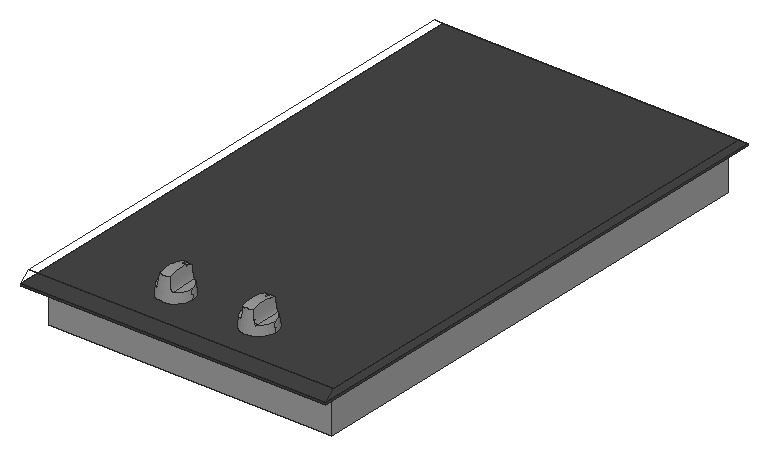
Revit family "VT CM 30 2P", category Specialty Equipment, host Face, Revit 2017
Family settings
  Host = Face
  Round Connector Dimension = Use Diameter
  Part Type = Normal
  Cut with Voids When Loaded = No
  Shared = No
  Room Calculation Point = No
Parameters (values of type "VT CM 30 2P")
  Wattage = "3000"
  Voltage = "220/240 V"  # constant formula
  URL = "www.teka.cl"
  Profundidad encastre = 490.000 mm
  Profundiadad encimera = 40.000 mm
  Model = "VT CM 30 2P"
  Manufacturer = "Teka"
  Luz encendido = Teka_Menu Luz Roja
  Interior encimera = Teka_Aluminio
  Encimera Vidrio = Teka_Panel Vidrio
  Disco Inducción = Teka_Interior Negro
  Description = "Encimera por inducción empotrable para mueble de cocina"
  Default Elevation = 1219.200 mm
  Cubierta encimera = Teka_Panel Negro
  Ca_Web del Representante = "www.teka.cl"
  Ca_Web del Fabricante = "www.teka.cl"
  Ca_Usos = "Encimera por inducción empotrable para mueble de cocina"
  Ca_Teléfono = "99821 1017"
  Ca_Representante = "Teka"
  Ca_Profundidad Interior = 500.000 mm
  Ca_Profundidad = 520.000 mm
  Ca_Producto = "Encimera inducción VT CM 30 2P"
  Ca_Peso = "5,2 kg"
  Ca_País de Fabricación = "Turquía"
  Ca_Medidas de embalaje = "36 x 57 x 10"
  Ca_Material Principal = "Cristal templado de alta seguridad"
  Ca_Masterformat = "11 30 13.13"
  Ca_Itemizado CDT = "E 08 06 02"
  Ca_Instalación = "Empotrable"
  Ca_Fabricante = "Teka"
  Ca_Especificaciones Técnicas = "Encimera por inducción empotrable para cocina modelo VT CM 30 2P"
  Ca_Código del Producto = "10208049"
  Ca_Código EAN = "8421152060407"
  Ca_Código Catálogo Arquitectura = "465_TEK_034"
  Ca_Creado por = "Catálogo Arquitectura"
  Ca_Contacto = "Khorzella@teka.cl"
  Ca_Clase de Eficiencia Energética = ""
  Ca_Certificación (Chile) = "E-013-01-29993"
  Ca_Ancho Interior = 270.000 mm
  Ca_Ancho = 300.000 mm
  Ca_5_Marco Inox = no
  Ca_5_Encimera rectangular = no
  Ca_5_Encimera de cantos redondeados = no
  Ca_5_Cristal Biselado = yes
  Ca_4_Indicador de calor residual = yes
  Ca_4_Desconexión automática de seguridad = yes
  Ca_4_Bloqueo de seguridad = no
  Ca_3_Touch control (Slider) = no
  Ca_3_Programador tiempo de cocción = no
  Ca_3_Keep Warm = no
  Ca_3_Golpe de cocción = no
  Ca_3_Función cronómetro = "1"
  Ca_3_Función Stop & Go = no
  Ca_3_Función Power Plus = no
  Ca_3_Detector de recipientes = no
  Ca_2_Triple circuito High light Ø 145/210/270 = "-"
  Ca_2_Rápida Ø 180 = "-"
  Ca_2_Rápida Ø 145 = "_"
  Ca_2_Inducción ø 280 = "-"
  Ca_2_Inducción ø 250 = "-"
  Ca_2_Inducción ø 210, 3.200 = "-"
  Ca_2_Inducción ø 210 = "-"
  Ca_2_Inducción ø 180 = "-"
  Ca_2_Inducción ø 160 = "-"
  Ca_2_Inducción ø 145 = "-"
  Ca_2_Inducción Oval = "-"
  Ca_2_High light Ø 210 = "_"
  Ca_2_High light Ø 180 = "1"
  Ca_2_High light Ø 160 = "_"
  Ca_2_High light Ø 145 = "1"
  Ca_2_Elemento calefactor grill 200x235/2.500 W = "-"
  Ca_2_Doble circuito High light Ø 180/210 = "_"
  Ca_2_Doble circuito High light Ø 120/210 = "-"
  Ca_2_Doble circuito High light Ø 120/180 = "_"
  Ca_1_Potencia nominal max. W. = Wattage  # "3000"
  Ca_1_Frecuencia Hz. = "50/60"
  Ca_1_Cable de conexión = 900.000 mm
  Ca_1_Cable Conexión Tri-fásica = yes
  Ancho Encastre = 280.000 mm
  Alto encastre = -80.000 mm
Reference planes
  plane 1 "Center (Front/Back)": y = 0
  plane 2: z = 0
  plane 3 "Center (Left/Right)": x = 0
  plane 4: y = 255
  plane 5: y = -265
  plane 6: x = 150
  plane 7: x = -150
  plane 8: x = -140
  plane 9: x = 140
  plane 10: y = 245
  plane 11: y = -245
  plane 12: x = 138.75
  plane 13: x = -138.715
  plane 14: y = -255
  plane 15: z = 10
Forms (mm)
  Extrusion 1, void
    sketch origin (0, 0, 0) x (1, 0, 0) y (0, 1, 0)
      loop
        line (-140, 245) -> (-140, -245) -> (140, -245) -> (140, 245) -> (-140, 245)
    from 0 to -80 <- "Alto encastre"
  Extrusion 2, solid, material "Teka_Aluminio" <- "Interior encimera"
    sketch origin (-0.96, 0, 0) x (0, 1, 0) y (1, 0, 0)
      loop
        line (243.565, -137.755) -> (243.565, 139.71) -> (-243.532, 139.71) -> (-243.532, -137.755) -> (243.565, -137.755)
    from 0 to 40 <- "Profundiadad encimera"
  Extrusion 3, solid, material "Teka_Panel Negro" <- "Cubierta encimera"
    sketch origin (0, 0, 0) x (1, 0, 0) y (0, 1, 0)
      loop
        line (-150, 255) -> (-150, -265) -> (150, -265) -> (150, 255) -> (-150, 255)
    from 0 to 2
  Extrusion 4, solid, material "Teka_Panel Vidrio" <- "Encimera Vidrio"
    sketch origin (0, 0, 0) x (0, 1, 0) y (0, 0, 1)
      loop
        line (255, 2) -> (245, 10) -> (-255, 10) -> (-265, 2) -> (255, 2)
    from -150 to 150
Lines and regions (mm)
  Split face 1
    outline origin (0, 0, 2) x (1, 0, 0) y (0, 1, 0)
      loop
        circle (0, 125.701) r 87
  Split face 2
    outline origin (0, 0, 2) x (1, 0, 0) y (0, 1, 0)
      loop
        circle (0, 125.701) r 22
  Split face 3
    outline origin (0, 0, 2) x (1, 0, 0) y (0, 1, 0)
      loop
        circle (0, 125.701) r 84
  Split face 4
    outline origin (0, 0, 2) x (1, 0, 0) y (0, 1, 0)
      loop
        circle (0, 125.701) r 80
  Split face 5
    outline origin (0, 0, 2) x (1, 0, 0) y (0, 1, 0)
      loop
        circle (0, 125.701) r 77
  Split face 6
    outline origin (0, 0, 2) x (1, 0, 0) y (0, 1, 0)
      loop
        circle (0, 125.701) r 73
  Split face 7
    outline origin (0, 0, 2) x (1, 0, 0) y (0, 1, 0)
      loop
        circle (0, 125.701) r 70
  Split face 8
    outline origin (0, 0, 2) x (1, 0, 0) y (0, 1, 0)
      loop
        circle (0, 125.701) r 66
  Split face 9
    outline origin (0, 0, 2) x (1, 0, 0) y (0, 1, 0)
      loop
        circle (0, 125.701) r 63
  Split face 10
    outline origin (0, 0, 2) x (1, 0, 0) y (0, 1, 0)
      loop
        circle (0, 125.701) r 59
  Split face 11
    outline origin (0, 0, 2) x (1, 0, 0) y (0, 1, 0)
      loop
        circle (0, 125.701) r 56
  Split face 12
    outline origin (0, 0, 2) x (1, 0, 0) y (0, 1, 0)
      loop
        circle (0, 125.701) r 52
  Split face 13
    outline origin (0, 0, 2) x (1, 0, 0) y (0, 1, 0)
      loop
        circle (0, 125.701) r 49
  Split face 14
    outline origin (0, 0, 2) x (1, 0, 0) y (0, 1, 0)
      loop
        circle (0, 125.701) r 46
  Split face 15
    outline origin (0, 0, 2) x (1, 0, 0) y (0, 1, 0)
      loop
        circle (0, 125.701) r 43
  Split face 16
    outline origin (0, 0, 2) x (1, 0, 0) y (0, 1, 0)
      loop
        circle (0, 125.701) r 40
  Split face 17
    outline origin (0, 0, 2) x (1, 0, 0) y (0, 1, 0)
      loop
        circle (0, 125.701) r 37
  Split face 18
    outline origin (0, 0, 2) x (1, 0, 0) y (0, 1, 0)
      loop
        circle (0, 125.701) r 34
  Split face 19
    outline origin (0, 0, 2) x (1, 0, 0) y (0, 1, 0)
      loop
        circle (0, 125.701) r 31
  Split face 20
    outline origin (0, 0, 2) x (1, 0, 0) y (0, 1, 0)
      loop
        circle (0, 125.701) r 28
  Split face 21
    outline origin (0, 0, 2) x (1, 0, 0) y (0, 1, 0)
      loop
        circle (0, 125.701) r 25
  Split face 22
    outline origin (0, 0, 2) x (1, 0, 0) y (0, 1, 0)
      loop
        circle (0, -79.794) r 71
  Split face 23
    outline origin (0, 0, 2) x (1, 0, 0) y (0, 1, 0)
      loop
        circle (0, -79.794) r 67
  Split face 24
    outline origin (0, 0, 2) x (1, 0, 0) y (0, 1, 0)
      loop
        circle (0, -79.794) r 64
  Split face 25
    outline origin (0, 0, 2) x (1, 0, 0) y (0, 1, 0)
      loop
        circle (0, -79.794) r 62
  Split face 26
    outline origin (0, 0, 2) x (1, 0, 0) y (0, 1, 0)
      loop
        circle (0, -79.794) r 59
  Split face 27
    outline origin (0, 0, 2) x (1, 0, 0) y (0, 1, 0)
      loop
        circle (0, -79.794) r 57
  Split face 28
    outline origin (0, 0, 2) x (1, 0, 0) y (0, 1, 0)
      loop
        circle (0, -79.794) r 54
  Split face 29
    outline origin (0, 0, 2) x (1, 0, 0) y (0, 1, 0)
      loop
        circle (0, -79.794) r 52
  Split face 30
    outline origin (0, 0, 2) x (1, 0, 0) y (0, 1, 0)
      loop
        circle (0, -79.794) r 49
  Split face 31
    outline origin (0, 0, 2) x (1, 0, 0) y (0, 1, 0)
      loop
        circle (0, -79.794) r 47
  Split face 32
    outline origin (0, 0, 2) x (1, 0, 0) y (0, 1, 0)
      loop
        circle (0, -79.794) r 44
  Split face 33
    outline origin (0, 0, 2) x (1, 0, 0) y (0, 1, 0)
      loop
        circle (0, -79.794) r 42
  Split face 34
    outline origin (0, 0, 2) x (1, 0, 0) y (0, 1, 0)
      loop
        circle (0, -79.794) r 39
  Split face 35
    outline origin (0, 0, 2) x (1, 0, 0) y (0, 1, 0)
      loop
        circle (0, -79.794) r 37
  Split face 36
    outline origin (0, 0, 2) x (1, 0, 0) y (0, 1, 0)
      loop
        circle (0, -79.794) r 34
  Split face 37
    outline origin (0, 0, 2) x (1, 0, 0) y (0, 1, 0)
      loop
        circle (0, -79.794) r 32
  Split face 38
    outline origin (0, 0, 2) x (1, 0, 0) y (0, 1, 0)
      loop
        circle (0, -79.794) r 29
  Split face 39
    outline origin (0, 0, 2) x (1, 0, 0) y (0, 1, 0)
      loop
        circle (0, -79.794) r 27
  Split face 40
    outline origin (0, 0, 2) x (1, 0, 0) y (0, 1, 0)
      loop
        circle (0, -79.794) r 24
  Split face 41
    outline origin (0, 0, 2) x (1, 0, 0) y (0, 1, 0)
      loop
        circle (0, -79.794) r 22
  Split face 42
    outline origin (0, 0, 2) x (1, 0, 0) y (0, 1, 0)
      loop
        circle (0, -79.794) r 19
  Split face 43
    outline origin (0, -255, 10) x (0, 1, 0) y (-1, 0, 0)
      loop
        spline (449.998, 69.296) -> (430.433, 84.138) -> (407.48, 93.247) -> (382.701, 96) -> (357.786, 92.211) -> (334.433, 82.138) -> (314.233, 66.468) -> (298.563, 46.268) -> (288.49, 22.915) -> (284.701, -2) -> (287.455, -26.778) -> (296.563, -49.732) -> (311.405, -69.296)
        spline (311.405, -69.296) -> (330.969, -84.138) -> (353.923, -93.247) -> (378.701, -96) -> (403.616, -92.211) -> (426.969, -82.138) -> (447.169, -66.468) -> (462.84, -46.268) -> (472.912, -22.915) -> (476.701, 2) -> (473.948, 26.778) -> (464.84, 49.732) -> (449.998, 69.296)
  Split face 44
    outline origin (0, -255, 10) x (0, 1, 0) y (-1, 0, 0)
      loop
        circle (380.701, 0) r 92
  Split face 45
    outline origin (0, -255, 10) x (0, 1, 0) y (-1, 0, 0)
      loop
        spline (232.482, 57.276) -> (216.621, 69.233) -> (197.938, 76.472) -> (177.706, 78.5) -> (157.303, 75.178) -> (138.121, 66.733) -> (121.466, 53.74) -> (108.473, 37.085) -> (100.028, 17.902) -> (96.706, -2.5) -> (98.734, -22.732) -> (105.973, -41.415) -> (117.93, -57.276)
        spline (117.93, -57.276) -> (133.791, -69.233) -> (152.474, -76.472) -> (172.706, -78.5) -> (193.108, -75.178) -> (212.291, -66.733) -> (228.946, -53.74) -> (241.939, -37.085) -> (250.384, -17.902) -> (253.706, 2.5) -> (251.678, 22.732) -> (244.439, 41.415) -> (232.482, 57.276)
  Split face 46
    outline origin (0, -255, 10) x (0, 1, 0) y (-1, 0, 0)
      loop
        circle (175.206, 0) r 74
  Split face 47
    outline origin (0, -255, 10) x (0, 1, 0) y (-1, 0, 0)
      loop
        line (64.542, -72.713) -> (64.542, -69.752)
        arc (64.542, -69.752) -> (64.396, -69.398) -> (64.042, -69.252) r 0.5
        line (64.042, -69.252) -> (60.688, -69.252)
        arc (60.688, -69.252) -> (60.334, -69.398) -> (60.188, -69.752) r 0.5
        line (60.188, -69.752) -> (60.188, -72.713)
        arc (60.188, -72.713) -> (60.334, -73.066) -> (60.688, -73.213) r 0.5
        line (60.688, -73.213) -> (64.042, -73.213)
        arc (64.042, -73.213) -> (64.396, -73.066) -> (64.542, -72.713) r 0.5
  Split face 48
    outline origin (0, -260.091, 10) x (0, 1, 0) y (-1, 0, 0)
      loop
        line (64.542, -72.713) -> (64.542, -69.752)
        arc (64.542, -69.752) -> (64.396, -69.398) -> (64.042, -69.252) r 0.5
        line (64.042, -69.252) -> (60.688, -69.252)
        arc (60.688, -69.252) -> (60.334, -69.398) -> (60.188, -69.752) r 0.5
        line (60.188, -69.752) -> (60.188, -72.713)
        arc (60.188, -72.713) -> (60.334, -73.066) -> (60.688, -73.213) r 0.5
        line (60.688, -73.213) -> (64.042, -73.213)
        arc (64.042, -73.213) -> (64.396, -73.066) -> (64.542, -72.713) r 0.5
  Split face 49
    outline origin (0, -255, 10) x (0, 1, 0) y (-1, 0, 0)
      loop
        line (59.112, -72.873) -> (59.112, -69.592) -> (55.437, -69.592) -> (55.437, -72.873) -> (59.112, -72.873)
  Split face 50
    outline origin (0, -255, 10) x (0, 1, 0) y (-1, 0, 0)
      loop
        circle (50.679, 133.629) r 2.543
  Split face 51
    outline origin (0, -255, 10) x (0, 1, 0) y (-1, 0, 0)
      loop
        line (47.117, 137.847) -> (45.446, 138.295) -> (45.446, 135.752) -> (37.169, 137.97) -> (37.169, 136.24) -> (45.446, 133.715) -> (45.446, 110.83) -> (47.117, 110.382) -> (47.117, 137.847)
  Split face 52
    outline origin (0, -255, 10) x (0, 1, 0) y (-1, 0, 0)
      loop
        arc (41.299, 126.954) -> (42.975, 133.134) -> (37.169, 130.433) r 3.531
        line (37.169, 130.433) -> (37.169, 128.219) -> (38.839, 127.771) -> (38.839, 131.214) -> (41.299, 126.954)
  Split face 53
    outline origin (0, -255, 10) x (0, 1, 0) y (-1, 0, 0)
      loop
        arc (41.651, 128.785) -> (42.348, 131.385) -> (39.748, 132.082) r 1.903
        line (39.748, 132.082) -> (41.651, 128.785)
  Split face 54
    outline origin (0, -255, 10) x (0, 1, 0) y (-1, 0, 0)
      loop
        line (43.874, 124.948) -> (37.169, 126.744) -> (37.169, 125.015) -> (40.019, 124.251) -> (37.169, 121.76) -> (37.169, 119.598) -> (40.473, 122.487) -> (43.874, 119.085) -> (43.874, 121.387) -> (41.373, 123.888) -> (43.874, 123.218) -> (43.874, 124.948)
  Split face 55
    outline origin (0, -255, 10) x (0, 1, 0) y (-1, 0, 0)
      loop
        line (37.169, 116.196) -> (37.169, 113.048) -> (43.874, 111.251) -> (43.874, 113.233) -> (42.609, 113.572)
        arc (42.609, 113.572) -> (41.978, 119.216) -> (37.169, 116.196) r 3.353
  Split face 56
    outline origin (0, -255, 10) x (0, 1, 0) y (-1, 0, 0)
      loop
        arc (40.392, 114.166) -> (41.861, 117.241) -> (38.691, 115.993) r 1.831
        line (38.691, 115.993) -> (38.691, 114.622) -> (40.392, 114.166)
  Split face 57
    outline origin (0, -255, 10) x (0, 1, 0) y (-1, 0, 0)
      loop
        circle (38.843, 88.305) r 4.083
  Split face 58
    outline origin (0, -255, 10) x (0, 1, 0) y (-1, 0, 0)
      loop
        line (64.542, 62.024) -> (64.542, 64.985)
        arc (64.542, 64.985) -> (64.396, 65.338) -> (64.042, 65.485) r 0.5
        line (64.042, 65.485) -> (60.688, 65.485)
        arc (60.688, 65.485) -> (60.334, 65.338) -> (60.188, 64.985) r 0.5
        line (60.188, 64.985) -> (60.188, 62.024)
        arc (60.188, 62.024) -> (60.334, 61.67) -> (60.688, 61.524) r 0.5
        line (60.688, 61.524) -> (64.042, 61.524)
        arc (64.042, 61.524) -> (64.396, 61.67) -> (64.542, 62.024) r 0.5
  Split face 59
    outline origin (0, -255, 10) x (0, 1, 0) y (-1, 0, 0)
      loop
        line (64.242, 61.824) -> (64.242, 65.185) -> (60.488, 65.185) -> (60.488, 61.824) -> (64.242, 61.824)
  Split face 60
    outline origin (0, -255, 10) x (0, 1, 0) y (-1, 0, 0)
      loop
        line (59.452, 62.024) -> (59.452, 64.985)
        arc (59.452, 64.985) -> (59.305, 65.338) -> (58.952, 65.485) r 0.5
        line (58.952, 65.485) -> (55.597, 65.485)
        arc (55.597, 65.485) -> (55.244, 65.338) -> (55.097, 64.985) r 0.5
        line (55.097, 64.985) -> (55.097, 62.024)
        arc (55.097, 62.024) -> (55.244, 61.67) -> (55.597, 61.524) r 0.5
        line (55.597, 61.524) -> (58.952, 61.524)
        arc (58.952, 61.524) -> (59.305, 61.67) -> (59.452, 62.024) r 0.5
  Split face 61
    outline origin (0, -255, 10) x (0, 1, 0) y (-1, 0, 0)
      loop
        line (10.834, 132.646) -> (10.834, 137.846) -> (7.684, 137.846) -> (7.684, 132.646) -> (10.834, 132.646)
  Split face 62
    outline origin (0, -255, 10) x (0, 1, 0) y (-1, 0, 0)
      loop
        line (10.834, 137.846) -> (7.684, 136.699)
  Split face 63
    outline origin (0, -255, 10) x (0, 1, 0) y (-1, 0, 0)
      loop
        line (10.834, 137.42) -> (8.304, 136.499) -> (10.834, 135.579)
  Split face 64
    outline origin (0, -255, 10) x (0, 1, 0) y (-1, 0, 0)
      loop
        line (7.684, 136.299) -> (10.834, 135.153)
  Split face 65
    outline origin (0, -255, 10) x (0, 1, 0) y (-1, 0, 0)
      loop
        line (10.834, 134.946) -> (7.684, 134.946)
  Split face 66
    outline origin (0, -255, 10) x (0, 1, 0) y (-1, 0, 0)
      loop
        line (10.434, 134.946) -> (10.434, 132.646)
  Split face 67
    outline origin (0, -255, 10) x (0, 1, 0) y (-1, 0, 0)
      loop
        line (10.434, 133.996) -> (7.684, 133.996)
  Split face 68
    outline origin (0, -255, 10) x (0, 1, 0) y (-1, 0, 0)
      loop
        line (10.434, 133.596) -> (7.684, 133.596)
  Split face 69
    outline origin (0, -255, 10) x (0, 1, 0) y (-1, 0, 0)
      loop
        spline (9.659, 128.588) -> (10.321, 128.883) -> (10.743, 129.396) -> (10.827, 130.012) -> (10.556, 130.589) -> (9.991, 130.998) -> (9.259, 131.146) -> (8.528, 130.998) -> (7.962, 130.589) -> (7.691, 130.012) -> (7.776, 129.396) -> (8.197, 128.883) -> (8.859, 128.588)
        line (8.859, 128.588) -> (8.859, 129.422) -> (9.659, 129.422) -> (9.659, 128.588)
  Split face 70
    outline origin (0, -255, 10) x (0, 1, 0) y (-1, 0, 0)
      loop
        spline (9.659, 129.005) -> (9.866, 129.034) -> (10.059, 129.119) -> (10.225, 129.254) -> (10.352, 129.43) -> (10.432, 129.635) -> (10.459, 129.855) -> (10.432, 130.075) -> (10.352, 130.28) -> (10.225, 130.456) -> (10.059, 130.591) -> (9.866, 130.676) -> (9.659, 130.705)
        line (9.659, 130.705) -> (8.859, 130.705)
        spline (8.859, 130.705) -> (8.652, 130.676) -> (8.459, 130.591) -> (8.294, 130.456) -> (8.166, 130.28) -> (8.086, 130.075) -> (8.059, 129.855) -> (8.086, 129.635) -> (8.166, 129.43) -> (8.294, 129.254) -> (8.459, 129.119) -> (8.652, 129.034) -> (8.859, 129.005)
  Split face 71
    outline origin (0, -255, 10) x (0, 1, 0) y (-1, 0, 0)
      loop
        line (10.834, 125.292) -> (10.834, 127.959) -> (7.684, 127.959) -> (7.684, 125.292) -> (10.834, 125.292)
  Split face 72
    outline origin (0, -255, 10) x (0, 1, 0) y (-1, 0, 0)
      loop
        line (10.834, 127.559) -> (8.304, 126.638) -> (10.834, 125.718)
  Split face 73
    outline origin (0, -255, 10) x (0, 1, 0) y (-1, 0, 0)
      loop
        line (7.684, 127.559) -> (9.665, 127.559) -> (7.684, 126.838)
      loop
        line (7.684, 126.438) -> (9.735, 125.692) -> (7.684, 125.692)
  Split face 74
    outline origin (0, -255, 10) x (0, 1, 0) y (-1, 0, 0)
      loop
        line (9.934, 123.551) -> (8.534, 123.551) -> (8.534, 122.451) -> (9.934, 122.451) -> (9.934, 123.551)
  Split face 75
    outline origin (0, -255, 10) x (0, 1, 0) y (-1, 0, 0)
      loop
        arc (8.534, 123.551) -> (7.537, 121.986) -> (9.377, 121.744) r 1.1
        arc (9.377, 121.744) -> (10.785, 122.156) -> (9.934, 123.351) r 0.9
  Split face 76
    outline origin (0, -255, 10) x (0, 1, 0) y (-1, 0, 0)
      loop
        arc (9.434, 122.451) -> (10.288, 122.097) -> (9.934, 122.951) r 0.5
  Split face 77
    outline origin (0, -255, 10) x (0, 1, 0) y (-1, 0, 0)
      loop
        arc (8.534, 123.151) -> (8.039, 121.956) -> (9.234, 122.451) r 0.7
  Split face 78
    outline origin (0, -255, 10) x (0, 1, 0) y (-1, 0, 0)
      loop
        arc (10.034, 119.294) -> (10.834, 120.094) -> (10.034, 120.894) r 0.8
        line (10.034, 120.894) -> (8.274, 120.894)
        arc (8.274, 120.894) -> (7.474, 120.094) -> (8.274, 119.294) r 0.8
        line (8.274, 119.294) -> (10.034, 119.294)
  Split face 79
    outline origin (0, -255, 10) x (0, 1, 0) y (-1, 0, 0)
      loop
        arc (10.034, 119.694) -> (10.434, 120.094) -> (10.034, 120.494) r 0.4
        line (10.034, 120.494) -> (8.274, 120.494)
        arc (8.274, 120.494) -> (7.874, 120.094) -> (8.274, 119.694) r 0.4
        line (8.274, 119.694) -> (10.034, 119.694)
  Split face 80
    outline origin (0, -255, 10) x (0, 1, 0) y (-1, 0, 0)
      loop
        line (10.034, 117.554) -> (10.034, 116.054) -> (7.474, 117.548) -> (7.474, 115.654) -> (10.034, 115.654)
        arc (10.034, 115.654) -> (10.834, 116.604) -> (10.034, 117.554) r 0.964
  Split face 81
    outline origin (0, -255, 10) x (0, 1, 0) y (-1, 0, 0)
      loop
        arc (10.034, 117.154) -> (10.434, 116.604) -> (10.034, 116.054) r 0.578
  Split face 82
    outline origin (0, -255, 10) x (0, 1, 0) y (-1, 0, 0)
      loop
        line (7.874, 115.654) -> (7.874, 116.961) -> (10.034, 115.654)
  Split face 83
    outline origin (0, -255, 10) x (0, 1, 0) y (-1, 0, 0)
      loop
        line (10.834, 112.616) -> (10.834, 115.116) -> (7.684, 115.116) -> (7.684, 112.616) -> (10.834, 112.616)
  Split face 84
    outline origin (0, -255, 10) x (0, 1, 0) y (-1, 0, 0)
      loop
        line (7.684, 114.716) -> (10.834, 114.716)
  Split face 85
    outline origin (0, -255, 10) x (0, 1, 0) y (-1, 0, 0)
      loop
        line (8.859, 114.716) -> (8.859, 112.616)
  Split face 86
    outline origin (0, -255, 10) x (0, 1, 0) y (-1, 0, 0)
      loop
        line (9.259, 114.716) -> (9.259, 113.016) -> (10.434, 113.016) -> (10.434, 114.716)
  Split face 87
    outline origin (0, -255, 10) x (0, 1, 0) y (-1, 0, 0)
      loop
        line (54.196, -90.721) -> (49.196, -90.721) -> (49.196, -91.521) -> (54.196, -91.521)
        arc (54.196, -91.521) -> (55.752, -92.165) -> (56.396, -93.721) r 2.2
        line (56.396, -93.721) -> (56.396, -95.721) -> (57.196, -95.721) -> (57.196, -93.721)
        arc (57.196, -93.721) -> (56.317, -91.6) -> (54.196, -90.721) r 3
  Split face 88
    outline origin (0, -255, 10) x (0, 1, 0) y (-1, 0, 0)
      loop
        line (57.196, -108.221) -> (57.196, -106.221) -> (56.396, -106.221) -> (56.396, -108.221)
        arc (56.396, -108.221) -> (55.752, -109.777) -> (54.196, -110.421) r 2.2
        line (54.196, -110.421) -> (49.196, -110.421) -> (49.196, -111.221) -> (54.196, -111.221)
        arc (54.196, -111.221) -> (56.317, -110.342) -> (57.196, -108.221) r 3
  Split face 89
    outline origin (0, -255, 10) x (0, 1, 0) y (-1, 0, 0)
      loop
        circle (47.3, -100.848) r 3.539
  Split face 90
    outline origin (0, -255, 10) x (0, 1, 0) y (-1, 0, 0)
      loop
        circle (30.892, -100.848) r 3.539
  Split face 91
    outline origin (0, -255, 10) x (0, 1, 0) y (-1, 0, 0)
      loop
        line (29.796, -91.521) -> (29.796, -90.721) -> (24.796, -90.721)
        arc (24.796, -90.721) -> (22.675, -91.6) -> (21.796, -93.721) r 3
        line (21.796, -93.721) -> (21.796, -95.721) -> (22.596, -95.721) -> (22.596, -93.721)
        arc (22.596, -93.721) -> (23.24, -92.165) -> (24.796, -91.521) r 2.2
        line (24.796, -91.521) -> (29.796, -91.521)
  Split face 92
    outline origin (0, -255, 10) x (0, 1, 0) y (-1, 0, 0)
      loop
        line (22.596, -108.221) -> (22.596, -106.221) -> (21.796, -106.221) -> (21.796, -108.221)
        arc (21.796, -108.221) -> (22.675, -110.342) -> (24.796, -111.221) r 3
        line (24.796, -111.221) -> (29.796, -111.221) -> (29.796, -110.421) -> (24.796, -110.421)
        arc (24.796, -110.421) -> (23.24, -109.777) -> (22.596, -108.221) r 2.2
  Split face 93
    outline origin (0, -255, 10) x (0, 1, 0) y (-1, 0, 0)
      loop
        line (58.339, 36.246) -> (60.099, 36.246)
        arc (60.099, 36.246) -> (60.899, 37.046) -> (60.099, 37.846) r 0.8
        line (60.099, 37.846) -> (58.339, 37.846)
        arc (58.339, 37.846) -> (57.539, 37.046) -> (58.339, 36.246) r 0.8
  Split face 94
    outline origin (0, -255, 10) x (0, 1, 0) y (-1, 0, 0)
      loop
        arc (60.099, 36.646) -> (60.499, 37.046) -> (60.099, 37.446) r 0.4
        line (60.099, 37.446) -> (58.339, 37.446)
        arc (58.339, 37.446) -> (57.939, 37.046) -> (58.339, 36.646) r 0.4
        line (58.339, 36.646) -> (60.099, 36.646)
  Split face 95
    outline origin (0, -255, 10) x (0, 1, 0) y (-1, 0, 0)
      loop
        line (53.972, 22.925) -> (50.612, 22.925) -> (50.612, 21.725) -> (53.972, 21.725) -> (53.972, 22.925)
  Split face 96
    outline origin (0, -255, 10) x (0, 1, 0) y (-1, 0, 0)
      loop
        line (53.972, 22.125) -> (50.612, 22.125)
  Split face 97
    outline origin (0, -255, 10) x (0, 1, 0) y (-1, 0, 0)
      loop
        line (53.972, 22.125) -> (53.272, 22.925) -> (53.272, 22.125)
  Split face 98
    outline origin (0, -255, 10) x (0, 1, 0) y (-1, 0, 0)
      loop
        line (53.172, 20.978) -> (53.172, 19.478) -> (50.612, 20.971) -> (50.612, 19.078) -> (53.172, 19.078)
        arc (53.172, 19.078) -> (53.972, 20.028) -> (53.172, 20.978) r 0.964
  Split face 99
    outline origin (0, -255, 10) x (0, 1, 0) y (-1, 0, 0)
      loop
        arc (53.172, 20.578) -> (53.572, 20.028) -> (53.172, 19.478) r 0.578
  Split face 100
    outline origin (0, -255, 10) x (0, 1, 0) y (-1, 0, 0)
      loop
        line (51.012, 19.078) -> (51.012, 20.385) -> (53.172, 19.078)
  Split face 101
    outline origin (0, -255, 10) x (0, 1, 0) y (-1, 0, 0)
      loop
        line (42.135, 18.64) -> (45.495, 18.64) -> (45.495, 19.84) -> (42.135, 19.84) -> (42.135, 18.64)
  Split face 102
    outline origin (0, -255, 10) x (0, 1, 0) y (-1, 0, 0)
      loop
        line (45.495, 19.04) -> (42.135, 19.04)
  Split face 103
    outline origin (0, -255, 10) x (0, 1, 0) y (-1, 0, 0)
      loop
        line (45.495, 19.04) -> (44.795, 19.84) -> (44.795, 19.04)
  Split face 104
    outline origin (0, -255, 10) x (0, 1, 0) y (-1, 0, 0)
      loop
        line (45.495, 16.24) -> (45.495, 17.44) -> (42.135, 17.44) -> (42.135, 16.24) -> (45.495, 16.24)
  Split face 105
    outline origin (0, -255, 10) x (0, 1, 0) y (-1, 0, 0)
      loop
        line (45.495, 16.64) -> (42.135, 16.64)
  Split face 106
    outline origin (0, -255, 10) x (0, 1, 0) y (-1, 0, 0)
      loop
        line (45.495, 16.64) -> (44.795, 17.44) -> (44.795, 16.64)
  Split face 107
    outline origin (0, -255, 10) x (0, 1, 0) y (-1, 0, 0)
      loop
        line (37.703, 18.64) -> (37.703, 19.84) -> (34.343, 19.84) -> (34.343, 18.64) -> (37.703, 18.64)
  Split face 108
    outline origin (0, -255, 10) x (0, 1, 0) y (-1, 0, 0)
      loop
        line (37.703, 19.04) -> (34.343, 19.04)
  Split face 109
    outline origin (0, -255, 10) x (0, 1, 0) y (-1, 0, 0)
      loop
        line (37.703, 19.04) -> (37.003, 19.84) -> (37.003, 19.04)
  Split face 110
    outline origin (0, -255, 10) x (0, 1, 0) y (-1, 0, 0)
      loop
        arc (36.903, 15.896) -> (37.703, 16.696) -> (36.903, 17.496) r 0.8
        line (36.903, 17.496) -> (35.143, 17.496)
        arc (35.143, 17.496) -> (34.343, 16.696) -> (35.143, 15.896) r 0.8
        line (35.143, 15.896) -> (36.903, 15.896)
  Split face 111
    outline origin (0, -255, 10) x (0, 1, 0) y (-1, 0, 0)
      loop
        arc (36.903, 16.296) -> (37.303, 16.696) -> (36.903, 17.096) r 0.4
        line (36.903, 17.096) -> (35.143, 17.096)
        arc (35.143, 17.096) -> (34.743, 16.696) -> (35.143, 16.296) r 0.4
        line (35.143, 16.296) -> (36.903, 16.296)
  Split face 112
    outline origin (0, -255, 10) x (0, 1, 0) y (-1, 0, 0)
      loop
        line (25.944, 21.235) -> (29.304, 21.235) -> (29.304, 22.835) -> (25.944, 22.835) -> (25.944, 21.235)
  Split face 113
    outline origin (0, -255, 10) x (0, 1, 0) y (-1, 0, 0)
      loop
        line (26.344, 22.835) -> (26.344, 21.635) -> (27.304, 21.635) -> (27.304, 22.835)
  Split face 114
    outline origin (0, -255, 10) x (0, 1, 0) y (-1, 0, 0)
      loop
        line (28.904, 21.635) -> (28.904, 22.435) -> (27.704, 22.435) -> (27.704, 21.635) -> (28.904, 21.635)
  Split face 115
    outline origin (0, -255, 10) x (0, 1, 0) y (-1, 0, 0)
      loop
        arc (23.052, 27.368) -> (24.509, 28.075) -> (23.052, 28.782) r 0.9
        arc (23.052, 28.782) -> (21.109, 28.075) -> (23.052, 27.368) r 1.1
  Split face 116
    outline origin (0, -255, 10) x (0, 1, 0) y (-1, 0, 0)
      loop
        circle (23.609, 28.075) r 0.5
  Split face 117
    outline origin (0, -255, 10) x (0, 1, 0) y (-1, 0, 0)
      loop
        arc (22.745, 28.525) -> (21.509, 28.075) -> (22.745, 27.625) r 0.7
        line (22.745, 27.625) -> (22.745, 28.525)
  Split face 118
    outline origin (0, -255, 10) x (0, 1, 0) y (-1, 0, 0)
      loop
        line (22.124, 37.761) -> (22.124, 35.626) -> (22.924, 35.626) -> (22.924, 37.761) -> (22.124, 37.761)
  Split face 119
    outline origin (0, -255, 10) x (0, 1, 0) y (-1, 0, 0)
      loop
        arc (22.124, 36.66) -> (20.763, 37.374) -> (19.259, 37.683) r 5.487
        line (19.259, 37.683) -> (19.259, 36.881)
        arc (19.259, 36.881) -> (20.799, 36.5) -> (22.124, 35.626) r 4.687
  Split face 120
    outline origin (0, -255, 10) x (0, 1, 0) y (-1, 0, 0)
      loop
        arc (22.124, 36.157) -> (20.778, 36.942) -> (19.259, 37.282) r 5.087
  Split face 121
    outline origin (0, -255, 10) x (0, 1, 0) y (-1, 0, 0)
      loop
        line (22.524, 35.626) -> (22.524, 37.761)
  Split face 122
    outline origin (0, -255, 10) x (0, 1, 0) y (-1, 0, 0)
      loop
        line (23.936, 42.606) -> (23.936, 44.206) -> (20.576, 44.206) -> (20.576, 42.606) -> (23.936, 42.606)
  Split face 123
    outline origin (0, -255, 10) x (0, 1, 0) y (-1, 0, 0)
      loop
        line (20.976, 43.006) -> (22.176, 43.006) -> (22.176, 43.806) -> (20.976, 43.806) -> (20.976, 43.006)
  Split face 124
    outline origin (0, -255, 10) x (0, 1, 0) y (-1, 0, 0)
      loop
        line (23.536, 42.606) -> (23.536, 43.806) -> (22.576, 43.806) -> (22.576, 42.606)
  Split face 125
    outline origin (0, -255, 10) x (0, 1, 0) y (-1, 0, 0)
      loop
        line (27.322, 49.545) -> (27.322, 51.145) -> (23.962, 51.145) -> (23.962, 49.545) -> (27.322, 49.545)
  Split face 126
    outline origin (0, -255, 10) x (0, 1, 0) y (-1, 0, 0)
      loop
        line (26.922, 49.545) -> (26.922, 50.745) -> (26.042, 50.745) -> (26.042, 49.545)
  Split face 127
    outline origin (0, -255, 10) x (0, 1, 0) y (-1, 0, 0)
      loop
        line (25.642, 51.145) -> (25.642, 49.945) -> (24.362, 49.945) -> (24.362, 51.145)
  Split face 128
    outline origin (0, -255, 10) x (0, 1, 0) y (-1, 0, 0)
      loop
        line (34.168, 53.662) -> (34.168, 55.562) -> (30.808, 55.562) -> (30.808, 53.662) -> (34.168, 53.662)
  Split face 129
    outline origin (0, -255, 10) x (0, 1, 0) y (-1, 0, 0)
      loop
        line (30.808, 54.062) -> (34.168, 54.062)
  Split face 130
    outline origin (0, -255, 10) x (0, 1, 0) y (-1, 0, 0)
      loop
        line (31.988, 55.562) -> (31.988, 54.062)
      loop
        line (32.388, 55.562) -> (32.388, 54.062)
  Split face 131
    outline origin (0, -255, 10) x (0, 1, 0) y (-1, 0, 0)
      loop
        line (32.388, 55.039) -> (33.547, 54.062)
      loop
        line (34.168, 54.062) -> (32.388, 55.562)
  Split face 132
    outline origin (0, -255, 10) x (0, 1, 0) y (-1, 0, 0)
      loop
        line (39.871, 57.341) -> (38.471, 57.341) -> (38.471, 56.241) -> (39.871, 56.241) -> (39.871, 57.341)
  Split face 133
    outline origin (0, -255, 10) x (0, 1, 0) y (-1, 0, 0)
      loop
        arc (38.471, 57.341) -> (37.474, 55.776) -> (39.314, 55.534) r 1.1
        arc (39.314, 55.534) -> (40.721, 55.946) -> (39.871, 57.141) r 0.9
  Split face 134
    outline origin (0, -255, 10) x (0, 1, 0) y (-1, 0, 0)
      loop
        arc (39.371, 56.241) -> (40.224, 55.887) -> (39.871, 56.741) r 0.5
      loop
        arc (38.471, 56.941) -> (37.976, 55.746) -> (39.171, 56.241) r 0.7
  Split face 135
    outline origin (0, -255, 10) x (0, 1, 0) y (-1, 0, 0)
      loop
        line (46.651, 56.419) -> (46.651, 54.919) -> (44.091, 56.413) -> (44.091, 54.519) -> (46.651, 54.519)
        arc (46.651, 54.519) -> (47.451, 55.469) -> (46.651, 56.419) r 0.964
  Split face 136
    outline origin (0, -255, 10) x (0, 1, 0) y (-1, 0, 0)
      loop
        arc (46.651, 56.019) -> (47.051, 55.469) -> (46.651, 54.919) r 0.578
  Split face 137
    outline origin (0, -255, 10) x (0, 1, 0) y (-1, 0, 0)
      loop
        line (44.491, 54.519) -> (44.491, 55.827) -> (46.651, 54.519)
  Split face 138
    outline origin (0, -255, 10) x (0, 1, 0) y (-1, 0, 0)
      loop
        line (53.972, 52.261) -> (50.612, 52.261) -> (50.612, 51.061) -> (53.972, 51.061) -> (53.972, 52.261)
  Split face 139
    outline origin (0, -255, 10) x (0, 1, 0) y (-1, 0, 0)
      loop
        line (53.972, 51.461) -> (50.612, 51.461)
  Split face 140
    outline origin (0, -255, 10) x (0, 1, 0) y (-1, 0, 0)
      loop
        line (53.972, 51.461) -> (53.272, 52.261) -> (53.272, 51.461)
  Split face 141
    outline origin (81.878, -255, 10) x (0, 1, 0) y (-1, 0, 0)
      loop
        line (58.339, 36.246) -> (60.099, 36.246)
        arc (60.099, 36.246) -> (60.899, 37.046) -> (60.099, 37.846) r 0.8
        line (60.099, 37.846) -> (58.339, 37.846)
        arc (58.339, 37.846) -> (57.539, 37.046) -> (58.339, 36.246) r 0.8
  Split face 142
    outline origin (81.878, -255, 10) x (0, 1, 0) y (-1, 0, 0)
      loop
        arc (60.099, 36.646) -> (60.499, 37.046) -> (60.099, 37.446) r 0.4
        line (60.099, 37.446) -> (58.339, 37.446)
        arc (58.339, 37.446) -> (57.939, 37.046) -> (58.339, 36.646) r 0.4
        line (58.339, 36.646) -> (60.099, 36.646)
  Split face 143
    outline origin (81.878, -255, 10) x (0, 1, 0) y (-1, 0, 0)
      loop
        line (53.972, 22.925) -> (50.612, 22.925) -> (50.612, 21.725) -> (53.972, 21.725) -> (53.972, 22.925)
  Split face 144
    outline origin (81.878, -255, 10) x (0, 1, 0) y (-1, 0, 0)
      loop
        line (53.972, 22.125) -> (50.612, 22.125)
  Split face 145
    outline origin (81.878, -255, 10) x (0, 1, 0) y (-1, 0, 0)
      loop
        line (53.972, 22.125) -> (53.272, 22.925) -> (53.272, 22.125)
  Split face 146
    outline origin (81.878, -255, 10) x (0, 1, 0) y (-1, 0, 0)
      loop
        line (53.172, 20.978) -> (53.172, 19.478) -> (50.612, 20.971) -> (50.612, 19.078) -> (53.172, 19.078)
        arc (53.172, 19.078) -> (53.972, 20.028) -> (53.172, 20.978) r 0.964
  Split face 147
    outline origin (81.878, -255, 10) x (0, 1, 0) y (-1, 0, 0)
      loop
        arc (53.172, 20.578) -> (53.572, 20.028) -> (53.172, 19.478) r 0.578
  Split face 148
    outline origin (81.878, -255, 10) x (0, 1, 0) y (-1, 0, 0)
      loop
        line (51.012, 19.078) -> (51.012, 20.385) -> (53.172, 19.078)
  Split face 149
    outline origin (81.878, -255, 10) x (0, 1, 0) y (-1, 0, 0)
      loop
        line (42.135, 18.64) -> (45.495, 18.64) -> (45.495, 19.84) -> (42.135, 19.84) -> (42.135, 18.64)
  Split face 150
    outline origin (81.878, -255, 10) x (0, 1, 0) y (-1, 0, 0)
      loop
        line (45.495, 19.04) -> (42.135, 19.04)
  Split face 151
    outline origin (81.878, -255, 10) x (0, 1, 0) y (-1, 0, 0)
      loop
        line (45.495, 19.04) -> (44.795, 19.84) -> (44.795, 19.04)
  Split face 152
    outline origin (81.878, -255, 10) x (0, 1, 0) y (-1, 0, 0)
      loop
        line (45.495, 16.24) -> (45.495, 17.44) -> (42.135, 17.44) -> (42.135, 16.24) -> (45.495, 16.24)
  Split face 153
    outline origin (81.878, -255, 10) x (0, 1, 0) y (-1, 0, 0)
      loop
        line (45.495, 16.64) -> (42.135, 16.64)
  Split face 154
    outline origin (81.878, -255, 10) x (0, 1, 0) y (-1, 0, 0)
      loop
        line (45.495, 16.64) -> (44.795, 17.44) -> (44.795, 16.64)
  Split face 155
    outline origin (81.878, -255, 10) x (0, 1, 0) y (-1, 0, 0)
      loop
        line (37.703, 18.64) -> (37.703, 19.84) -> (34.343, 19.84) -> (34.343, 18.64) -> (37.703, 18.64)
  Split face 156
    outline origin (81.878, -255, 10) x (0, 1, 0) y (-1, 0, 0)
      loop
        line (37.703, 19.04) -> (34.343, 19.04)
  Split face 157
    outline origin (81.878, -255, 10) x (0, 1, 0) y (-1, 0, 0)
      loop
        line (37.703, 19.04) -> (37.003, 19.84) -> (37.003, 19.04)
  Split face 158
    outline origin (81.878, -255, 10) x (0, 1, 0) y (-1, 0, 0)
      loop
        arc (36.903, 15.896) -> (37.703, 16.696) -> (36.903, 17.496) r 0.8
        line (36.903, 17.496) -> (35.143, 17.496)
        arc (35.143, 17.496) -> (34.343, 16.696) -> (35.143, 15.896) r 0.8
        line (35.143, 15.896) -> (36.903, 15.896)
  Split face 159
    outline origin (81.878, -255, 10) x (0, 1, 0) y (-1, 0, 0)
      loop
        arc (36.903, 16.296) -> (37.303, 16.696) -> (36.903, 17.096) r 0.4
        line (36.903, 17.096) -> (35.143, 17.096)
        arc (35.143, 17.096) -> (34.743, 16.696) -> (35.143, 16.296) r 0.4
        line (35.143, 16.296) -> (36.903, 16.296)
  Split face 160
    outline origin (81.878, -255, 10) x (0, 1, 0) y (-1, 0, 0)
      loop
        line (25.944, 21.235) -> (29.304, 21.235) -> (29.304, 22.835) -> (25.944, 22.835) -> (25.944, 21.235)
  Split face 161
    outline origin (81.878, -255, 10) x (0, 1, 0) y (-1, 0, 0)
      loop
        line (26.344, 22.835) -> (26.344, 21.635) -> (27.304, 21.635) -> (27.304, 22.835)
  Split face 162
    outline origin (81.878, -255, 10) x (0, 1, 0) y (-1, 0, 0)
      loop
        line (28.904, 21.635) -> (28.904, 22.435) -> (27.704, 22.435) -> (27.704, 21.635) -> (28.904, 21.635)
  Split face 163
    outline origin (81.878, -255, 10) x (0, 1, 0) y (-1, 0, 0)
      loop
        arc (23.052, 27.368) -> (24.509, 28.075) -> (23.052, 28.782) r 0.9
        arc (23.052, 28.782) -> (21.109, 28.075) -> (23.052, 27.368) r 1.1
  Split face 164
    outline origin (81.878, -255, 10) x (0, 1, 0) y (-1, 0, 0)
      loop
        circle (23.609, 28.075) r 0.5
  Split face 165
    outline origin (81.878, -255, 10) x (0, 1, 0) y (-1, 0, 0)
      loop
        arc (22.745, 28.525) -> (21.509, 28.075) -> (22.745, 27.625) r 0.7
        line (22.745, 27.625) -> (22.745, 28.525)
  Split face 166
    outline origin (81.878, -255, 10) x (0, 1, 0) y (-1, 0, 0)
      loop
        line (22.124, 37.761) -> (22.124, 35.626) -> (22.924, 35.626) -> (22.924, 37.761) -> (22.124, 37.761)
  Split face 167
    outline origin (81.878, -255, 10) x (0, 1, 0) y (-1, 0, 0)
      loop
        arc (22.124, 36.66) -> (20.763, 37.374) -> (19.259, 37.683) r 5.487
        line (19.259, 37.683) -> (19.259, 36.881)
        arc (19.259, 36.881) -> (20.799, 36.5) -> (22.124, 35.626) r 4.687
  Split face 168
    outline origin (81.878, -255, 10) x (0, 1, 0) y (-1, 0, 0)
      loop
        arc (22.124, 36.157) -> (20.778, 36.942) -> (19.259, 37.282) r 5.087
  Split face 169
    outline origin (81.878, -255, 10) x (0, 1, 0) y (-1, 0, 0)
      loop
        line (22.524, 35.626) -> (22.524, 37.761)
  Split face 170
    outline origin (81.878, -255, 10) x (0, 1, 0) y (-1, 0, 0)
      loop
        line (23.936, 42.606) -> (23.936, 44.206) -> (20.576, 44.206) -> (20.576, 42.606) -> (23.936, 42.606)
  Split face 171
    outline origin (81.878, -255, 10) x (0, 1, 0) y (-1, 0, 0)
      loop
        line (20.976, 43.006) -> (22.176, 43.006) -> (22.176, 43.806) -> (20.976, 43.806) -> (20.976, 43.006)
  Split face 172
    outline origin (81.878, -255, 10) x (0, 1, 0) y (-1, 0, 0)
      loop
        line (23.536, 42.606) -> (23.536, 43.806) -> (22.576, 43.806) -> (22.576, 42.606)
  Split face 173
    outline origin (81.878, -255, 10) x (0, 1, 0) y (-1, 0, 0)
      loop
        line (27.322, 49.545) -> (27.322, 51.145) -> (23.962, 51.145) -> (23.962, 49.545) -> (27.322, 49.545)
  Split face 174
    outline origin (81.878, -255, 10) x (0, 1, 0) y (-1, 0, 0)
      loop
        line (26.922, 49.545) -> (26.922, 50.745) -> (26.042, 50.745) -> (26.042, 49.545)
  Split face 175
    outline origin (81.878, -255, 10) x (0, 1, 0) y (-1, 0, 0)
      loop
        line (25.642, 51.145) -> (25.642, 49.945) -> (24.362, 49.945) -> (24.362, 51.145)
  Split face 176
    outline origin (81.878, -255, 10) x (0, 1, 0) y (-1, 0, 0)
      loop
        line (34.168, 53.662) -> (34.168, 55.562) -> (30.808, 55.562) -> (30.808, 53.662) -> (34.168, 53.662)
  Split face 177
    outline origin (81.878, -255, 10) x (0, 1, 0) y (-1, 0, 0)
      loop
        line (30.808, 54.062) -> (34.168, 54.062)
  Split face 178
    outline origin (81.878, -255, 10) x (0, 1, 0) y (-1, 0, 0)
      loop
        line (31.988, 55.562) -> (31.988, 54.062)
      loop
        line (32.388, 55.562) -> (32.388, 54.062)
  Split face 179
    outline origin (81.878, -255, 10) x (0, 1, 0) y (-1, 0, 0)
      loop
        line (32.388, 55.039) -> (33.547, 54.062)
      loop
        line (34.168, 54.062) -> (32.388, 55.562)
  Split face 180
    outline origin (81.878, -255, 10) x (0, 1, 0) y (-1, 0, 0)
      loop
        line (39.871, 57.341) -> (38.471, 57.341) -> (38.471, 56.241) -> (39.871, 56.241) -> (39.871, 57.341)
  Split face 181
    outline origin (81.878, -255, 10) x (0, 1, 0) y (-1, 0, 0)
      loop
        arc (38.471, 57.341) -> (37.474, 55.776) -> (39.314, 55.534) r 1.1
        arc (39.314, 55.534) -> (40.721, 55.946) -> (39.871, 57.141) r 0.9
  Split face 182
    outline origin (81.878, -255, 10) x (0, 1, 0) y (-1, 0, 0)
      loop
        arc (39.371, 56.241) -> (40.224, 55.887) -> (39.871, 56.741) r 0.5
      loop
        arc (38.471, 56.941) -> (37.976, 55.746) -> (39.171, 56.241) r 0.7
  Split face 183
    outline origin (81.878, -255, 10) x (0, 1, 0) y (-1, 0, 0)
      loop
        line (46.651, 56.419) -> (46.651, 54.919) -> (44.091, 56.413) -> (44.091, 54.519) -> (46.651, 54.519)
        arc (46.651, 54.519) -> (47.451, 55.469) -> (46.651, 56.419) r 0.964
  Split face 184
    outline origin (81.878, -255, 10) x (0, 1, 0) y (-1, 0, 0)
      loop
        arc (46.651, 56.019) -> (47.051, 55.469) -> (46.651, 54.919) r 0.578
  Split face 185
    outline origin (81.878, -255, 10) x (0, 1, 0) y (-1, 0, 0)
      loop
        line (44.491, 54.519) -> (44.491, 55.827) -> (46.651, 54.519)
  Split face 186
    outline origin (81.878, -255, 10) x (0, 1, 0) y (-1, 0, 0)
      loop
        line (53.972, 52.261) -> (50.612, 52.261) -> (50.612, 51.061) -> (53.972, 51.061) -> (53.972, 52.261)
  Split face 187
    outline origin (81.878, -255, 10) x (0, 1, 0) y (-1, 0, 0)
      loop
        line (53.972, 51.461) -> (50.612, 51.461)
  Split face 188
    outline origin (81.878, -255, 10) x (0, 1, 0) y (-1, 0, 0)
      loop
        line (53.972, 51.461) -> (53.272, 52.261) -> (53.272, 51.461)
Dimensions and locks
  equal spacing: plane 8, plane 3 "Center (Left/Right)", plane 9
  "Ancho Encastre": plane 8 to plane 9
  equal spacing: plane 10, plane 1 "Center (Front/Back)", plane 11
  "Profundidad encastre": plane 10 to plane 11
  aligned and locked: plane 2 to host face
  aligned and locked: level to host face
  aligned and locked: plane 9 to Extrusion 1
  aligned and locked: Extrusion 1 to plane 11
  aligned and locked: plane 10 to Extrusion 1
  aligned and locked: plane 8 to Extrusion 1 sketch curve
  aligned and locked: plane 6 to Extrusion 4
  aligned and locked: Extrusion 4 to plane 7
Automatic sketch dimensions
  host sketch curve to host sketch curve = 2438.400 mm  (x2)
  Extrusion 1 sketch curve to plane 9 = 0.000 mm
  Extrusion 1 sketch curve to plane 11 = 0.000 mm
  Extrusion 1 sketch curve to plane 10 = 0.000 mm
  Extrusion 2 sketch curve to plane 12 = 0.000 mm
  Extrusion 2 sketch curve to plane 13 = 0.000 mm
  plane 11 to Extrusion 2 sketch curve = 1.468 mm
  Extrusion 2 sketch curve to plane 10 = 1.435 mm
  Extrusion 3 sketch curve to plane 5 = 0.000 mm
  Extrusion 3 sketch curve to plane 7 = 0.000 mm
  Extrusion 3 sketch curve to plane 6 = 0.000 mm
  plane 4 to Extrusion 3 sketch curve = 0.000 mm
  Extrusion 4 to Split face 43 sketch curve = 119.299 mm
  Split face 43 sketch curve to Extrusion 4 = 150.000 mm
  Extrusion 4 to Split face 43 sketch curve = 50.002 mm
  Extrusion 4 to Split face 44 sketch curve = 119.299 mm
  Split face 44 sketch curve to Extrusion 4 = 150.000 mm
  Split face 45 sketch curve to Extrusion 4 = 175.206 mm
  Split face 45 sketch curve to Extrusion 4 = 150.000 mm
  Split face 45 sketch curve to Split face 45 sketch curve = 57.276 mm
  Split face 46 sketch curve to Extrusion 4 = 175.206 mm
  Split face 46 sketch curve to Extrusion 4 = 150.000 mm
  Split face 47 sketch curve to Extrusion 4 = 60.188 mm
  Split face 47 sketch curve to Split face 47 sketch curve = 0.500 mm  (x3)
  Split face 47 sketch curve to Split face 47 sketch curve = 3.354 mm
  Split face 47 sketch curve to Split face 47 sketch curve = 0.000 mm
  Split face 47 sketch curve to Extrusion 4 = 76.787 mm
  Split face 47 sketch curve to Split face 47 sketch curve = 2.961 mm
  Split face 48 sketch curve to Extrusion 4 = 55.097 mm
  Split face 48 sketch curve to Split face 48 sketch curve = 0.500 mm  (x3)
  Split face 48 sketch curve to Split face 48 sketch curve = 3.354 mm
  Split face 48 sketch curve to Split face 48 sketch curve = 0.000 mm
  Split face 48 sketch curve to Extrusion 4 = 76.787 mm
  Split face 48 sketch curve to Split face 48 sketch curve = 2.961 mm
  Split face 49 sketch curve to Extrusion 4 = 55.437 mm
  Split face 49 sketch curve to Split face 49 sketch curve = 3.674 mm
  Split face 49 sketch curve to Extrusion 4 = 77.127 mm
  Split face 49 sketch curve to Split face 49 sketch curve = 3.281 mm
  Split face 50 sketch curve to Extrusion 4 = 16.371 mm
  Split face 50 sketch curve to Extrusion 4 = 50.679 mm
  Split face 51 sketch curve to Extrusion 4 = 13.760 mm
  Split face 51 sketch curve to Extrusion 4 = 37.169 mm
  Split face 51 sketch curve to Split face 51 sketch curve = 8.277 mm
  Split face 51 sketch curve to Split face 51 sketch curve = 0.000 mm
  Split face 51 sketch curve to Split face 51 sketch curve = 1.670 mm
  Split face 51 sketch curve to Split face 51 sketch curve = 0.489 mm
  Split face 51 sketch curve to Split face 51 sketch curve = 2.037 mm
  Split face 51 sketch curve to Split face 51 sketch curve = 22.885 mm
  Split face 51 sketch curve to Split face 51 sketch curve = 0.448 mm  (x2)
  Split face 51 sketch curve to Split face 51 sketch curve = 2.096 mm
  Split face 51 sketch curve to Split face 51 sketch curve = 1.729 mm
  Split face 52 sketch curve to Extrusion 4 = 37.169 mm
  Split face 52 sketch curve to Split face 52 sketch curve = 1.670 mm
  Split face 52 sketch curve to Split face 52 sketch curve = 1.860 mm
  Split face 52 sketch curve to Split face 52 sketch curve = 2.460 mm
  Split face 52 sketch curve to Extrusion 4 = 23.046 mm
  Split face 52 sketch curve to Split face 52 sketch curve = 0.817 mm
  Split face 52 sketch curve to Split face 52 sketch curve = 0.448 mm
  Split face 52 sketch curve to Split face 52 sketch curve = 0.781 mm
  Split face 53 sketch curve to Extrusion 4 = 39.748 mm
  Split face 53 sketch curve to Split face 53 sketch curve = 0.952 mm  (x2)
  Split face 53 sketch curve to Extrusion 4 = 21.215 mm
  Split face 53 sketch curve to Split face 53 sketch curve = 1.648 mm
  Split face 54 sketch curve to Extrusion 4 = 37.169 mm
  Split face 54 sketch curve to Split face 54 sketch curve = 0.000 mm
  Split face 54 sketch curve to Split face 54 sketch curve = 2.850 mm
  Split face 54 sketch curve to Split face 54 sketch curve = 0.454 mm
  Split face 54 sketch curve to Split face 54 sketch curve = 1.354 mm
  Split face 54 sketch curve to Split face 54 sketch curve = 2.501 mm  (x2)
  Split face 54 sketch curve to Extrusion 4 = 30.915 mm
  Split face 54 sketch curve to Split face 54 sketch curve = 0.512 mm
  Split face 54 sketch curve to Split face 54 sketch curve = 2.302 mm
  Split face 54 sketch curve to Split face 54 sketch curve = 2.162 mm
  Split face 54 sketch curve to Split face 54 sketch curve = 0.727 mm
  Split face 54 sketch curve to Split face 54 sketch curve = 1.831 mm
  Split face 54 sketch curve to Split face 54 sketch curve = 1.402 mm
  Split face 54 sketch curve to Split face 54 sketch curve = 0.363 mm
  Split face 54 sketch curve to Split face 54 sketch curve = 1.729 mm  (x2)
  Split face 54 sketch curve to Split face 54 sketch curve = 0.764 mm
  Split face 55 sketch curve to Extrusion 4 = 37.169 mm
  Split face 55 sketch curve to Split face 55 sketch curve = 3.353 mm
  Split face 55 sketch curve to Split face 55 sketch curve = 2.087 mm
  Split face 55 sketch curve to Split face 55 sketch curve = 1.266 mm
  Split face 55 sketch curve to Extrusion 4 = 38.749 mm
  Split face 55 sketch curve to Split face 55 sketch curve = 1.797 mm
  Split face 55 sketch curve to Split face 55 sketch curve = 1.982 mm
  Split face 55 sketch curve to Split face 55 sketch curve = 0.339 mm
  Split face 55 sketch curve to Split face 55 sketch curve = 0.000 mm
  Split face 56 sketch curve to Extrusion 4 = 38.691 mm
  Split face 56 sketch curve to Split face 56 sketch curve = 1.701 mm
  Split face 56 sketch curve to Split face 56 sketch curve = 1.831 mm
  Split face 56 sketch curve to Extrusion 4 = 35.834 mm
  Split face 56 sketch curve to Split face 56 sketch curve = 1.371 mm
  Split face 57 sketch curve to Extrusion 4 = 38.843 mm
  Split face 57 sketch curve to Extrusion 4 = 61.695 mm
  Split face 58 sketch curve to Extrusion 4 = 60.188 mm
  Split face 58 sketch curve to Split face 58 sketch curve = 0.500 mm  (x3)
  Split face 58 sketch curve to Split face 58 sketch curve = 3.354 mm
  Split face 58 sketch curve to Split face 58 sketch curve = 0.000 mm
  Split face 58 sketch curve to Extrusion 4 = 88.476 mm
  Split face 58 sketch curve to Split face 58 sketch curve = 2.961 mm
  Split face 59 sketch curve to Extrusion 4 = 60.488 mm
  Split face 59 sketch curve to Split face 59 sketch curve = 3.754 mm
  Split face 59 sketch curve to Extrusion 4 = 88.176 mm
  Split face 59 sketch curve to Split face 59 sketch curve = 3.361 mm
  Split face 60 sketch curve to Extrusion 4 = 55.097 mm
  Split face 60 sketch curve to Split face 60 sketch curve = 0.500 mm  (x3)
  Split face 60 sketch curve to Split face 60 sketch curve = 3.354 mm
  Split face 60 sketch curve to Split face 60 sketch curve = 0.000 mm
  Split face 60 sketch curve to Extrusion 4 = 88.476 mm
  Split face 60 sketch curve to Split face 60 sketch curve = 2.961 mm
  Split face 61 sketch curve to Extrusion 4 = 7.684 mm
  Split face 61 sketch curve to Split face 61 sketch curve = 3.150 mm
  Split face 61 sketch curve to Extrusion 4 = 17.354 mm
  Split face 61 sketch curve to Split face 61 sketch curve = 5.200 mm
  Split face 62 sketch curve to Extrusion 4 = 7.684 mm
  Split face 62 sketch curve to Extrusion 4 = 13.301 mm
  Split face 62 sketch curve to Split face 62 sketch curve = 3.150 mm
  Split face 62 sketch curve to Split face 62 sketch curve = 1.147 mm
  Split face 63 sketch curve to Extrusion 4 = 8.304 mm
  Split face 63 sketch curve to Extrusion 4 = 13.501 mm
  Split face 63 sketch curve to Split face 63 sketch curve = 2.530 mm
  Split face 63 sketch curve to Split face 63 sketch curve = 0.000 mm
  Split face 63 sketch curve to Split face 63 sketch curve = 0.921 mm
  Split face 63 sketch curve to Split face 63 sketch curve = 1.842 mm
  Split face 64 sketch curve to Extrusion 4 = 7.684 mm
  Split face 64 sketch curve to Extrusion 4 = 14.847 mm
  Split face 64 sketch curve to Split face 64 sketch curve = 3.150 mm
  Split face 64 sketch curve to Split face 64 sketch curve = 1.147 mm
  Split face 65 sketch curve to Extrusion 4 = 7.684 mm
  Split face 65 sketch curve to Extrusion 4 = 15.054 mm
  Split face 65 sketch curve to Split face 65 sketch curve = 3.150 mm
  Split face 66 sketch curve to Extrusion 4 = 10.434 mm
  Split face 66 sketch curve to Extrusion 4 = 17.354 mm
  Split face 66 sketch curve to Split face 66 sketch curve = 2.300 mm
  Split face 67 sketch curve to Extrusion 4 = 7.684 mm
  Split face 67 sketch curve to Extrusion 4 = 16.004 mm
  Split face 67 sketch curve to Split face 67 sketch curve = 2.750 mm
  Split face 68 sketch curve to Extrusion 4 = 7.684 mm
  Split face 68 sketch curve to Extrusion 4 = 16.404 mm
  Split face 68 sketch curve to Split face 68 sketch curve = 2.750 mm
  Split face 69 sketch curve to Extrusion 4 = 8.859 mm
  Split face 69 sketch curve to Split face 69 sketch curve = 0.800 mm
  Split face 69 sketch curve to Extrusion 4 = 21.412 mm
  Split face 69 sketch curve to Split face 69 sketch curve = 0.000 mm
  Split face 69 sketch curve to Split face 69 sketch curve = 0.834 mm
  Split face 69 sketch curve to Split face 69 sketch curve = 1.181 mm
  Split face 69 sketch curve to Split face 69 sketch curve = 0.424 mm
  Split face 70 sketch curve to Extrusion 4 = 8.859 mm
  Split face 70 sketch curve to Split face 70 sketch curve = 0.800 mm
  Split face 70 sketch curve to Extrusion 4 = 19.295 mm
  Split face 70 sketch curve to Split face 70 sketch curve = 0.850 mm
  Split face 70 sketch curve to Split face 70 sketch curve = 0.000 mm
  Split face 71 sketch curve to Extrusion 4 = 7.684 mm
  Split face 71 sketch curve to Split face 71 sketch curve = 3.150 mm
  Split face 71 sketch curve to Extrusion 4 = 24.708 mm
  Split face 71 sketch curve to Split face 71 sketch curve = 2.667 mm
  Split face 72 sketch curve to Extrusion 4 = 8.304 mm
  Split face 72 sketch curve to Extrusion 4 = 23.362 mm
  Split face 72 sketch curve to Split face 72 sketch curve = 2.530 mm
  Split face 72 sketch curve to Split face 72 sketch curve = 0.000 mm
  Split face 72 sketch curve to Split face 72 sketch curve = 0.921 mm
  Split face 72 sketch curve to Split face 72 sketch curve = 1.842 mm
  Split face 73 sketch curve to Extrusion 4 = 9.665 mm
  Split face 73 sketch curve to Split face 73 sketch curve = 0.071 mm
  Split face 73 sketch curve to Extrusion 4 = 24.308 mm
  Split face 73 sketch curve to Split face 73 sketch curve = 1.867 mm
  Split face 73 sketch curve to Split face 73 sketch curve = 1.980 mm
  Split face 73 sketch curve to Split face 73 sketch curve = 0.000 mm  (x3)
  Split face 73 sketch curve to Split face 73 sketch curve = 0.747 mm
  Split face 73 sketch curve to Split face 73 sketch curve = 0.400 mm
  Split face 74 sketch curve to Extrusion 4 = 8.534 mm
  Split face 74 sketch curve to Split face 74 sketch curve = 1.400 mm
  Split face 74 sketch curve to Extrusion 4 = 27.549 mm
  Split face 74 sketch curve to Split face 74 sketch curve = 1.100 mm
  Split face 75 sketch curve to Extrusion 4 = 8.534 mm
  Split face 75 sketch curve to Split face 75 sketch curve = 1.400 mm
  Split face 75 sketch curve to Extrusion 4 = 27.549 mm
  Split face 75 sketch curve to Split face 75 sketch curve = 0.000 mm
  Split face 75 sketch curve to Split face 75 sketch curve = 0.557 mm
  Split face 75 sketch curve to Split face 75 sketch curve = 0.707 mm
  Split face 76 sketch curve to Extrusion 4 = 9.934 mm
  Split face 76 sketch curve to Extrusion 4 = 27.549 mm
  Split face 76 sketch curve to Split face 76 sketch curve = 0.500 mm
  Split face 77 sketch curve to Extrusion 4 = 8.534 mm
  Split face 77 sketch curve to Extrusion 4 = 27.549 mm
  Split face 77 sketch curve to Split face 77 sketch curve = 0.700 mm
  Split face 78 sketch curve to Extrusion 4 = 8.274 mm
  Split face 78 sketch curve to Split face 78 sketch curve = 1.760 mm
  Split face 78 sketch curve to Extrusion 4 = 30.706 mm
  Split face 78 sketch curve to Split face 78 sketch curve = 0.800 mm
  Split face 79 sketch curve to Extrusion 4 = 8.274 mm
  Split face 79 sketch curve to Split face 79 sketch curve = 1.760 mm
  Split face 79 sketch curve to Extrusion 4 = 30.306 mm
  Split face 79 sketch curve to Split face 79 sketch curve = 0.400 mm
  Split face 80 sketch curve to Extrusion 4 = 7.474 mm
  Split face 80 sketch curve to Split face 80 sketch curve = 2.396 mm
  Split face 80 sketch curve to Split face 80 sketch curve = 0.164 mm
  Split face 80 sketch curve to Split face 80 sketch curve = 0.000 mm
  Split face 80 sketch curve to Extrusion 4 = 34.346 mm
  Split face 80 sketch curve to Split face 80 sketch curve = 0.400 mm
  Split face 80 sketch curve to Split face 80 sketch curve = 0.550 mm
  Split face 80 sketch curve to Split face 80 sketch curve = 1.894 mm
  Split face 81 sketch curve to Extrusion 4 = 9.856 mm
  Split face 81 sketch curve to Extrusion 4 = 33.396 mm
  Split face 81 sketch curve to Split face 81 sketch curve = 0.178 mm  (x2)
  Split face 81 sketch curve to Split face 81 sketch curve = 0.550 mm
  Split face 82 sketch curve to Extrusion 4 = 7.874 mm
  Split face 82 sketch curve to Extrusion 4 = 33.039 mm
  Split face 82 sketch curve to Split face 82 sketch curve = 2.160 mm
  Split face 82 sketch curve to Split face 82 sketch curve = 1.307 mm
  Split face 82 sketch curve to Split face 82 sketch curve = 0.000 mm
  Split face 83 sketch curve to Extrusion 4 = 7.684 mm
  Split face 83 sketch curve to Split face 83 sketch curve = 3.150 mm
  Split face 83 sketch curve to Extrusion 4 = 37.384 mm
  Split face 83 sketch curve to Split face 83 sketch curve = 2.500 mm
  Split face 84 sketch curve to Extrusion 4 = 7.684 mm
  Split face 84 sketch curve to Extrusion 4 = 10.834 mm
  Split face 84 sketch curve to Extrusion 4 = 35.284 mm
